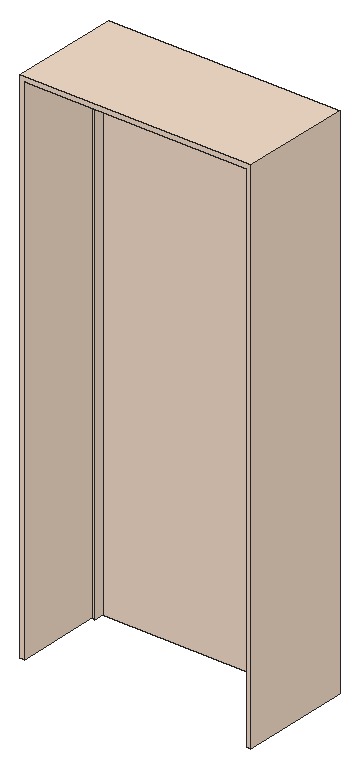
Revit family "Studio 3D Soundproof Interior Doors", category Doors, host Wall, Revit 2023
Family settings
  Host = Wall
  OmniClass Number = 23.30.10.00
  OmniClass Title = Doors
  Always vertical = Yes
  Cut with Voids When Loaded = No
  Shared = No
  Room Calculation Point = No
Parameters (values of type "12 inch Jamb")
  URL = "https://www.acousticalsurfaces.com/acoustic_doors/soundproof_doors.htm"
  Type Comments = "Soundproof Interior Doors"
  Rough Width = 3' - 1 1/2"
  Rough Height = 7' - 0 3/4"
  Right Hand Swing [instance] = not(Left Hand Swing)  # no
  Panel Material = Studio 3D Soundproof Door
  Offset [instance] = 0' - 0"
  Manufacturer = "Acoustical Surfaces, Inc."
  Left Hand Swing [instance] = yes
  Jamb Material = Studio 3D Soundproof Door
  Jamb Extension Option = 2
  JE = if(Jamb Extension Option = 0, 0' 6", 0' 0") + if(Jamb Extension Option = 1, 1' 0", 0' 0") + if(Jamb Extension Option = 2, 1' 6", 0' 0")  # 1' - 6"
  Handle Option = 1
  Handle Finish = 1
  Function = Interior
  Height = 7' - 0 195/256"
  Wall Closure = By host
  Width = 3' - 1 1/2"
  Finish = "Ready to Stain"
  Description = "Studio 3 Soundproof Interior Doors"
  Define Thermal Properties by = Schematic Type
  Assembly Code = "C1020"
  Analytic Construction = "<None>"
  9. Black = Handle Finish = 9  # no
  8. Pewter or Antique Nickel = Handle Finish = 8  # no
  7. Dark Bronze Anodized = Handle Finish = 7  # no
  6. Satin nickel = Handle Finish = 6  # no
  5. Dark Bronze Powder Coat = Handle Finish = 5  # no
  4. Oil Rubbed Bronze = Handle Finish = 4  # no
  4. Customer Supplied Handle = Handle Option = 4  # no
  3. Torino = Handle Option = 3  # no
  3. Polished Brass = Handle Finish = 3  # no
  2. Polished Chrome = Handle Finish = 2  # no
  2. Allegro = Handle Option = 2  # no
  2. 12 inch Extension = Jamb Extension Option = 2  # yes
  1. Venice (Standard) = Handle Option = 1  # yes
  1. Satin Chrome (Standard) = Handle Finish = 1  # yes
  1. 6 inch Extension = Jamb Extension Option = 1  # no
  0. Standard = Jamb Extension Option = 0  # no
Types (3): name | Jamb Extension Option | JE | 2. 12 inch Extension | 1. 6 inch Extension | 0. Standard
  12 inch Jamb | 2 | 1' - 6" | yes | no | no
  6 inch Jamb | 1 | 1' - 0" | no | yes | no
  Standard | 0 | 0' - 6" | no | no | yes
Reference planes (in)
  plane 1: y = 0
  plane 2 "Center (Left/Right)": x = 0
  plane 3 "Left": x = -18.75
  plane 4 "Right": x = 18.75
  plane 5: z = 84.76172
  plane 6 "Exterior": y = 6
  plane 7 "Interior": y = -6
  plane 8: y = 6
Forms (in)
  Sweep 1, solid, material "Studio 3D Soundproof Door" <- "Jamb Material"
    path origin (0, 6, 0) x (1, 0, 0) y (0, 0, 1)
      loop
        line (-18.75, 0) -> (-18.75, 84.76172) -> (18.75, 84.76172) -> (18.75, 0)
    profile origin (0, 6, 84.76172) x (0, 0, 1) y (0, -1, 0)
      loop
        line (0, 0) -> (0, 18) -> (-0.75, 18) -> (-0.75, 4.31251) -> (-1.25, 4.31251) -> (-1.25, 2.81251) -> (-0.75, 2.81251) -> (-0.75, 0) -> (0, 0)
  Extrusion 2, solid, material "Studio 3D Soundproof Door" <- "Panel Material"
    sketch origin (-338.58268, 6, 95.15392) x (0, 0, 1) y (-1, 0, 0)
      loop
        line (-11.1422, -320.58267) -> (-95.15392, -320.58267) -> (-95.15392, -356.58268) -> (-11.1422, -356.58268) -> (-11.1422, -320.58267)
    from 0 to 2.81251
Lines and regions (in)
  Opening 1
    outline origin (-120.07874, -6, 0) x (1, 0, 0) y (0, 0, 1)
      loop
        line (101.32874, 0) -> (138.82874, 0) -> (138.82874, 84.76172) -> (101.32874, 84.76172) -> (101.32874, 0)
  symbolic lines, style "Elevation Swing"
    curve 1: line (18.75, -6, 42.38086) -> (-18.75, -6, 84.76172)
    curve 2: line (18.75, -6, 42.38086) -> (-18.75, -6, 0)
  model lines, style "InvisibleLines", visible <- "Right Hand Swing"
    curve 3: line (-1.25, 18.52032, 0) -> (-1.25, 13.52032, 0)
    curve 4: line (-1.25, 16.02032, 0) -> (1.25, 16.02032, 0)
    curve 5: line (1.25, 18.52032, 0) -> (1.25, 13.52032, 0)
    curve 6: line (-5.125, 18.52032, 0) -> (-5.125, 13.52032, 0)
    curve 7: line (-5.125, 16.02032, 0) -> (-3.875, 16.02032, 0)
    curve 8: line (-5.125, 18.52032, 0) -> (-3.875, 18.52032, 0)
    curve 9: arc (-3.875, 18.52032, 0) -> (-2.625, 17.27032, 0) -> (-3.875, 16.02032, 0) r 1.25
    curve 10: line (-5.125, 16.02032, 0) -> (-2.625, 13.52032, 0)
    curve 11: arc (3.875, 16.02032, 0) -> (5.125, 14.77032, 0) -> (3.875, 13.52032, 0) r 1.25
    curve 12: arc (3.875, 16.02032, 0) -> (2.625, 17.27032, 0) -> (3.875, 18.52032, 0) r 1.25
    curve 13: line (3.875, 18.52032, 0) -> (5.125, 18.52032, 0)
    curve 14: line (3.875, 13.52032, 0) -> (2.625, 13.52032, 0)
  model lines, style "InvisibleLines", visible <- "Right Hand Swing", not visible
    curve 15: line (28.9611, 22.52032, 0) -> (28.9611, 17.52032, 0)
    curve 16: line (28.9611, 20.02032, 0) -> (31.4611, 20.02032, 0)
    curve 17: line (31.4611, 22.52032, 0) -> (31.4611, 17.52032, 0)
    curve 18: line (25.0861, 22.52032, 0) -> (25.0861, 17.52032, 0)
    curve 19: line (25.0861, 20.02032, 0) -> (26.3361, 20.02032, 0)
    curve 20: line (25.0861, 22.52032, 0) -> (26.3361, 22.52032, 0)
    curve 21: arc (26.3361, 22.52032, 0) -> (27.5861, 21.27032, 0) -> (26.3361, 20.02032, 0) r 1.25
    curve 22: line (25.0861, 20.02032, 0) -> (27.5861, 17.52032, 0)
    curve 23: arc (34.0861, 20.02032, 0) -> (35.3361, 18.77032, 0) -> (34.0861, 17.52032, 0) r 1.25
    curve 24: arc (34.0861, 20.02032, 0) -> (32.8361, 21.27032, 0) -> (34.0861, 22.52032, 0) r 1.25
    curve 25: line (34.0861, 22.52032, 0) -> (35.3361, 22.52032, 0)
    curve 26: line (34.0861, 17.52032, 0) -> (32.8361, 17.52032, 0)
  model lines, style "InvisibleLines", visible <- "Left Hand Swing"
    curve 27: line (-1.25, 18.52032, 0) -> (-1.25, 13.52032, 0)
    curve 28: line (-1.25, 16.02032, 0) -> (1.25, 16.02032, 0)
    curve 29: line (1.25, 18.52032, 0) -> (1.25, 13.52032, 0)
    curve 30: line (-5.125, 18.52032, 0) -> (-5.125, 13.52032, 0)
    curve 31: arc (3.875, 16.02032, 0) -> (5.125, 14.77032, 0) -> (3.875, 13.52032, 0) r 1.25
    curve 32: arc (3.875, 16.02032, 0) -> (2.625, 17.27032, 0) -> (3.875, 18.52032, 0) r 1.25
    curve 33: line (3.875, 18.52032, 0) -> (5.125, 18.52032, 0)
    curve 34: line (3.875, 13.52032, 0) -> (2.625, 13.52032, 0)
    curve 35: line (-5.125, 13.52032, 0) -> (-2.625, 13.52032, 0)
  model lines, style "InvisibleLines", visible <- "Left Hand Swing", not visible
    curve 36: line (30.75, 22.52032, 0) -> (30.75, 17.52032, 0)
    curve 37: line (30.75, 20.02032, 0) -> (33.25, 20.02032, 0)
    curve 38: line (33.25, 22.52032, 0) -> (33.25, 17.52032, 0)
    curve 39: line (26.875, 22.52032, 0) -> (26.875, 17.52032, 0)
    curve 40: arc (35.875, 20.02032, 0) -> (37.125, 18.77032, 0) -> (35.875, 17.52032, 0) r 1.25
    curve 41: arc (35.875, 20.02032, 0) -> (34.625, 21.27032, 0) -> (35.875, 22.52032, 0) r 1.25
    curve 42: line (35.875, 22.52032, 0) -> (37.125, 22.52032, 0)
    curve 43: line (35.875, 17.52032, 0) -> (34.625, 17.52032, 0)
    curve 44: line (26.875, 17.52032, 0) -> (29.375, 17.52032, 0)
Text (in)
  text "Exterior" at (-90.35496, 43.28909, 0), in view "Ref. Level"
  text "Exterior" at (0, 63.59764, 145.59372), in view "Left"
  text "Exterior" at (0, 40.78868, 152.55637), in view "Right"
Dimensions and locks (in)
  equal spacing: plane 3 "Left", plane 2 "Center (Left/Right)", plane 4 "Right"
  "Width": plane 3 "Left" to plane 4 "Right"
  "Height": plane 5 to host wall
  equal spacing: host wall, curve 2, plane 5
  host wall to plane 5 = 7' - 0 195/256"
  locked: plane 6 "Exterior" to host wall
  locked: plane 7 "Interior" to host wall
  "Offset": host wall to plane 8
  locked: nested 1 to level
  locked: plane 8 to nested 1
  locked: plane 8 to nested 2
  "JE": plane 8 to Sweep 1 sketch curve
  nested 3 to plane 8 = 0' - 0"
  locked: nested 3 to Sweep 1
  locked: nested 4 to Sweep 1
  locked: plane 8 to nested 4
  locked: Extrusion 2 to nested 5
  locked: nested 7 to Sweep 1 at 2.625
  locked: Extrusion 2 to nested 8 at 2.625
  aligned and locked: plane 3 "Left" to Opening 1 sketch curve
  aligned and locked: plane 5 to Opening 1 sketch curve  (x2)
  aligned and locked: Opening 1 sketch curve to plane 4 "Right"
  aligned and locked: Opening 1 sketch curve to level
  aligned and locked: plane 5 to curve 1
  aligned and locked: plane 3 "Left" to curve 2
  aligned and locked: plane 1 to host wall
  aligned and locked: plane 3 "Left" to curve 1
  aligned and locked: nested 2 to plane 5
  aligned and locked: plane 5 to Sweep 1 sketch curve
  aligned and locked: Sweep 1 sketch curve to plane 3 "Left"
  aligned and locked: plane 4 "Right" to Sweep 1 sketch curve
  aligned and locked: Sweep 1 sketch curve to plane 5
  aligned and locked: plane 8 to Sweep 1 sketch curve
  aligned and locked: Sweep 1 sketch curve to nested 2  (x5)
  aligned and locked: Extrusion 2 sketch curve to Sweep 1
  aligned and locked: Sweep 1 to Extrusion 2 sketch curve  (x2)
  aligned and locked: level to Extrusion 2 sketch curve
  aligned and locked: Extrusion 2 to plane 8
  aligned and locked: Extrusion 2 to Sweep 1
  aligned and locked: plane 6 "Exterior" to nested 7
  aligned and locked: nested 3 to plane 6 "Exterior"
  aligned and locked: nested 8 to plane 6 "Exterior"
  aligned and locked: plane 8 to host wall
Automatic sketch dimensions
  Sweep 1 sketch curve to level = 0' - 0"  (x2)
  curve 2 to level = 0' - 0"
  plane 4 "Right" to curve 2 = 0' - 0"
Nested families (in)
  nested 1: "bottom" at (0, 4.6345, 0) x (0, 1, 0) z (1, 0, 0), type "bottom"
  nested 2: "Section Top" at (0, 6, 84.76172) x (0, -1, 0) z (1, 0, 0), type "Top"
  nested 3: "Handle" at (-18, 6, 0) x (-1, 0, 0) z (0, 0, 1), visible <- "Right Hand Swing", type "Handle"
  nested 4: "Handle" at (18, 6, 0), visible <- "Left Hand Swing", type "Handle"
  nested 5: "Family1" at (0, 3.18749, 0), visible <- "Left Hand Swing", type "Family1"
    with w 3' - 0", Width 3' - 1 1/2"
  nested 6: "Family1" at (0, 3.18749, 0) x (-1, 0, 0) z (0, 0, 1), visible <- "Right Hand Swing", type "Family1"
    with w 3' - 0", Width 3' - 1 1/2"
  nested 7: "3d handle" at (15.375, 6, 0), visible <- "Left Hand Swing", type "3d handle"
  nested 8: "3d handle" at (-15.375, 6, 0) x (-1, 0, 0) z (0, 0, 1), visible <- "Right Hand Swing", type "3d handle"
Definition of nested family "3d handle"
  Parameters (values of type "3d handle")
    Default Elevation = 0' - 0"
  Reference planes (in)
    plane 1 "Center (Front/Back)": y = 0
    plane 2: z = 0
    plane 3 "Center (Left/Right)": x = 0
  Forms (in)
    Extrusion 1, solid
      sketch origin (0.93963, -1.51297, 0) x (1, 0, 0) y (0, 0, 1)
        loop
          arc (-1.75464, 43.22707) -> (-1.84275, 43.19057) -> (-1.87925, 43.10245) r 0.12462
          line (-1.87925, 43.10245) -> (-1.87925, 35.36124)
          arc (-1.87925, 35.36124) -> (-1.84275, 35.27312) -> (-1.75464, 35.23662) r 0.12462
          line (-1.75464, 35.23662) -> (-0.12462, 35.23662)
          arc (-0.12462, 35.23662) -> (-0.0365, 35.27312) -> (0, 35.36124) r 0.12462
          line (0, 35.36124) -> (0, 43.10245)
          arc (0, 43.10245) -> (-0.0365, 43.19057) -> (-0.12462, 43.22707) r 0.12462
          line (-0.12462, 43.22707) -> (-1.75464, 43.22707)
      from 1.51297 to 2.34991
    Extrusion 2, solid
      sketch origin (0.93963, -1.51297, 0) x (1, 0, 0) y (0, 0, 1)
        loop
          circle (-0.9395, 38.24229) r 0.56063
      from 2.34991 to 3.81883
    Extrusion 3, solid
      sketch origin (0.93963, -1.51297, 0) x (1, 0, 0) y (0, 0, 1)
        loop
          line (-0.9384, 38.80291) -> (-5.01551, 38.61614)
          arc (-5.01551, 38.61614) -> (-5.12766, 38.24229) -> (-5.01551, 37.86843) r 0.67919
          line (-5.01551, 37.86843) -> (-0.9384, 37.68166)
          arc (-0.9384, 37.68166) -> (-0.37887, 38.24229) -> (-0.9384, 38.80291) r 0.56063
      from 3.81883 to 4.09162
    Extrusion 4, solid
      sketch origin (0.93963, -1.51297, 0) x (1, 0, 0) y (0, 0, -1)
        loop
          line (-1.75464, -43.22707) -> (-0.12462, -43.22707)
          arc (-0.12462, -43.22707) -> (-0.0365, -43.19057) -> (0, -43.10245) r 0.12462
          line (0, -43.10245) -> (0, -35.36124)
          arc (0, -35.36124) -> (-0.0365, -35.27312) -> (-0.12462, -35.23662) r 0.12462
          line (-0.12462, -35.23662) -> (-1.75464, -35.23662)
          arc (-1.75464, -35.23662) -> (-1.84275, -35.27312) -> (-1.87925, -35.36124) r 0.12462
          line (-1.87925, -35.36124) -> (-1.87925, -43.10245)
          arc (-1.87925, -43.10245) -> (-1.84275, -43.19057) -> (-1.75464, -43.22707) r 0.12462
      from 1.51297 to 2.34991
    Extrusion 5, solid
      sketch origin (0.93963, -1.51297, 0) x (1, 0, 0) y (0, 0, -1)
        loop
          circle (-0.9395, -38.24229) r 0.56063
      from 2.34991 to 3.81883
    Extrusion 6, solid
      sketch origin (0.93963, -1.51297, 0) x (1, 0, 0) y (0, 0, -1)
        loop
          arc (-0.9384, -38.80291) -> (-0.37887, -38.24229) -> (-0.9384, -37.68166) r 0.56063
          line (-0.9384, -37.68166) -> (-5.01551, -37.86843)
          arc (-5.01551, -37.86843) -> (-5.12766, -38.24229) -> (-5.01551, -38.61614) r 0.67919
          line (-5.01551, -38.61614) -> (-0.9384, -38.80291)
      from 3.81883 to 4.09162
  Dimensions and locks (in)
    aligned and locked: level to plane 2
Definition of nested family "bottom"
  Reference planes (in)
    plane 1 "Center (Front/Back)": y = 0
    plane 2: z = 0
    plane 3 "Center (Left/Right)": x = 0
  Lines and regions (in)
    Masking region 1, in view "Ref. Level"
      outline origin (0, 0, 0) x (1, 0, 0) y (0, 1, 0)
        loop
          line (0.4905, 2.21777) -> (-0.50955, 2.21777) -> (-0.50955, 0.4225) -> (0.4905, 0.4225) -> (0.4905, 2.21777)
Definition of nested family "Section Top"
  Reference planes (in)
    plane 1 "Center (Front/Back)": y = 0
    plane 2: z = 0
    plane 3 "Center (Left/Right)": x = 0
  Lines and regions (in)
    Masking region 1, in view "Ref. Level"
      outline origin (0, 0, 0) x (1, 0, 0) y (0, 1, 0)
        loop
          arc (0.125, -0.75) -> (0.03661, -0.71339) -> (0, -0.625) r 0.125
          line (0, -0.625) -> (0, -0.87176) -> (2.81251, -0.87176) -> (2.81251, -0.75) -> (0.125, -0.75)
Definition of nested family "Handle"
  Reference planes (in)
    plane 1 "Center (Front/Back)": y = 0
    plane 2: z = 0
    plane 3 "Center (Left/Right)": x = 0
Definition of nested family "Family1"
  Parameters (values of type "Family1")
    w = Width - 0' 1 1/2"  # 4' - 3.71736"
    Width = 4' - 5.21736"
  Reference planes (in)
    plane 1 "Center (Front/Back)": y = 0
    plane 2: z = 0
    plane 3 "Center (Left/Right)": x = 0
    plane 4: x = -26.60868
    plane 5: x = 26.60868
    plane 6: x = -25.85868
    plane 7: x = 25.85868
  Lines and regions (in)
    detail lines, in view "Ref. Level"
      curve 1: arc (25.85868, 0, 0) -> (10.71102, 36.5697, 0) -> (-25.85868, 51.71736, 0) r 51.71736
      curve 2: line (-25.85868, 0, 0) -> (-25.85868, 51.71736, 0)
  Dimensions and locks (in)
    equal spacing: plane 4, plane 3 "Center (Left/Right)", plane 5
    "Width": plane 4 to plane 5
    locked: plane 6 to plane 4 at 0.75
    locked: plane 7 to plane 5 at 0.75
    "w": plane 1 "Center (Front/Back)" to curve 2
    "w": radius of curve 1
  Automatic sketch dimensions
    curve 2 to plane 6 = 0' - 0"
    plane 1 "Center (Front/Back)" to curve 2 = 0' - 0"
